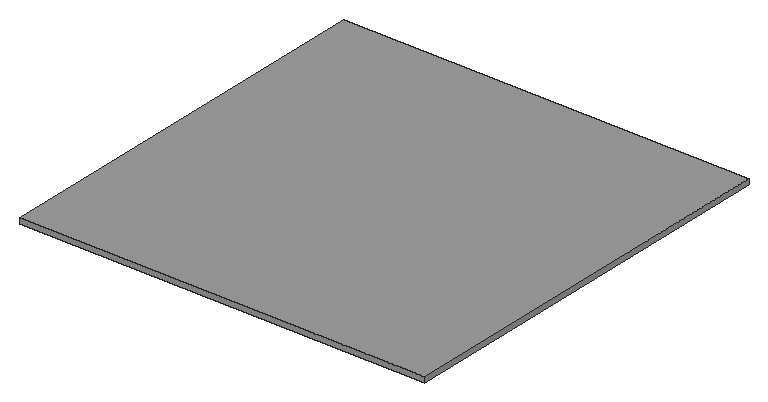
Revit family "WM-MN Suspended Ceiling 55mm Family", category Generic Models, host Ceiling, Revit 2017
Family settings
  Host = Ceiling
  Can host rebar = No
  Round Connector Dimension = Use Diameter
  Part Type = Normal
  Always vertical = Yes
  Cut with Voids When Loaded = No
  Shared = No
  Room Calculation Point = No
Parameters (values of type "Lambdaboard")
  Width = 4000 mm
  URL = "www.rigifoam.com"
  Type Comments = "duncan@rigifoam.com"
  Thermal Resistance = 2.2900 (m²·K)/W
  Thermal Conductivity = 0.0240 W/(m·K)
  Model = "WM/MN Suspended Ceiling 55mm"
  Material = Polyisocyanurate
  Manufacturer = "Lambdaboard"
  Length = 4000 mm
  Description = "Flexible PIR Insulation"
  Depth = 55 mm
  Density = 40.0000 kg/m³
Reference planes
  plane 1 "Center (Front/Back)": y = 0
  plane 2: z = 0
  plane 3 "Center (Left/Right)": x = 0
  plane 4 "Ceiling": z = 4000
Forms (mm)
  Extrusion 1, solid, material "Polyisocyanurate" <- "Material"
    sketch origin (0, 0, 4000) x (0, 1, 0) y (-1, 0, 0)
      loop
        line (2000, 2000) -> (-2000, 2000) -> (-2000, -2000) -> (2000, -2000) -> (2000, 2000)
    from -55 to 0
Dimensions and locks
  equal spacing: host sketch curve, plane 3 "Center (Left/Right)", host sketch curve
  equal spacing: host sketch curve, plane 1 "Center (Front/Back)", host sketch curve
  host sketch curve to host sketch curve = 4000 mm  (x2)
  plane 4 "Ceiling" to host ceiling = 0 mm
  "Length": Extrusion 1 to Extrusion 1
  equal spacing: Extrusion 1, plane 3 "Center (Left/Right)", Extrusion 1
  "Width": Extrusion 1 to Extrusion 1
  "Depth": Extrusion 1 to Extrusion 1
Automatic sketch dimensions
  plane 1 "Center (Front/Back)" to Extrusion 1 sketch curve = 2000 mm
  Extrusion 1 sketch curve to plane 1 "Center (Front/Back)" = 2000 mm
  plane 3 "Center (Left/Right)" to Extrusion 1 sketch curve = 2000 mm
  Extrusion 1 sketch curve to plane 3 "Center (Left/Right)" = 2000 mm
